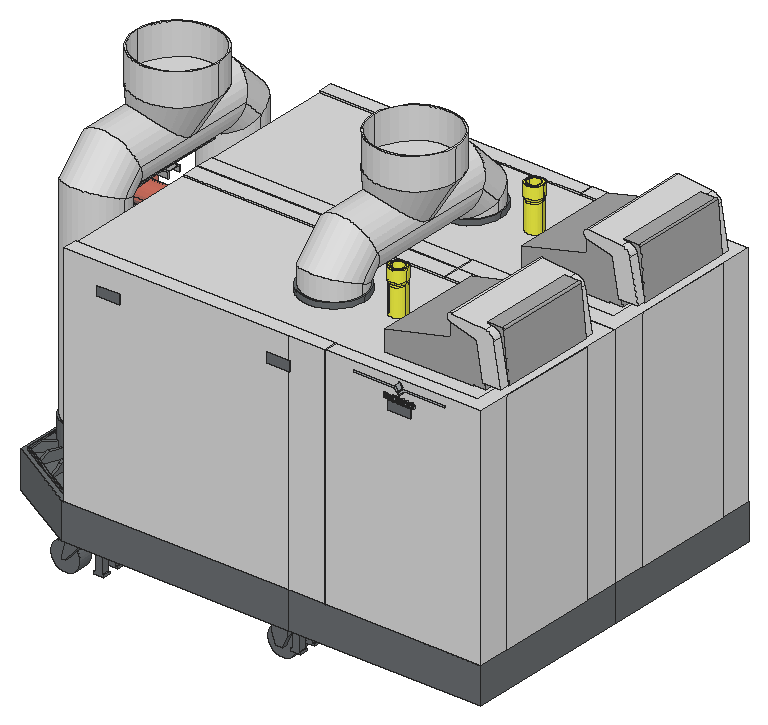
Revit family "HC_Boiler_Condensate Flow_MEPcontent_De Dietrich Thermique_C 640 8-10_FR-FR", category Mechanical Equipment, Revit 2018
Family settings
  Round Connector Dimension = Use Diameter
  Classification = None
  Part Type = Normal
  OmniClass Number = 23.75.10.11.14
  OmniClass Title = Hot Water Heat Generators
  Work Plane-Based = No
  Always vertical = Yes
  Cut with Voids When Loaded = No
  Shared = No
  Room Calculation Point = No
Parameters (values of type "1000")
  Yellow = Color RGB 255-255-000
  Wholesaler Art. No. = ""
  Wholesaler = ""
  White = Color RGB 219-219-219
  Watermarked By = "https://mep.trimble.com"
  Voltage = 230 V
  Use Nominal Diameter = yes
  URL = "https://mep.trimble.com"
  Supply Air Flow [instance] = 0.0 L/s
  Stabu Code = ""
  Show Service Space [instance] = no
  Safety Valve Diameter = if(Use Nominal Diameter, 65 mm, 76.1 mm)  # 65 mm
  Safety Valve Connection Size = 40 mm
  Revit Version = "2018"  # constant formula
  Red = Color RAL 2002
  Product Line = "De Dietrich Thermique"  # constant formula
  Power [instance] = 0 VA
  Pipe Type Category = "M561"  # constant formula
  Phase = 1
  Overall Width = 1442 mm
  Overall Length = 2172 mm
  Overall Height = 1726 mm
  Optional Connection [instance] = yes
  Model = "1000"
  Manufacturer URL = "http://pro.dedietrich-thermique.fr/fr/site_pro"
  Manufacturer Art. No. = "7752876"
  Manufacturer = "De Dietrich Thermique"  # constant formula
  MEPcontent Class = "BOILER_CONDENSATE_FLOW"  # constant formula
  Logo = Color RGB 165-173-178
  Light Gray = Color RGB 145-145-145
  Internal Art. No. = ""
  IFCExportType = "NOTDEFINED"  # constant formula
  IFCExportAs = "IfcBoiler"  # constant formula
  Hydronic Supply Flow 2 [instance] = Hydronic Return Flow 2  # 0.0 L/s
  Hydronic Supply Flow 1 [instance] = Hydronic Return Flow 1  # 0.0 L/s
  Hydronic Return Flow 4 [instance] = 0.0 L/s
  Hydronic Return Flow 3 [instance] = 0.0 L/s
  Hydronic Return Flow 2 [instance] = 0.0 L/s
  Hydronic Return Flow 1 [instance] = 0.0 L/s
  Grey = Color RAL 7016
  Glass = Color RGB 218-227-224
  Gas Flow 2 [instance] = 0.0 L/s
  Gas Flow 1 [instance] = 0.0 L/s
  GTIN = "8713809330279"
  GLN = "8713809000004"
  Function Code [instance] = ""
  Fuel Connection Size = if(Use Nominal Diameter, 50 mm, 60.3 mm)  # 50 mm
  Flue Gas Flow [instance] = 0.0 L/s
  Supply Air Connection = 350 mm
  Flue Connection Size = 350 mm
  Flow and Return Connection Size = if(Use Nominal Diameter, 80 mm, 88.9 mm)  # 80 mm
  Family Version = "12.18"  # constant formula
  ETIM Article Class = "EC010232"  # constant formula
  EMCS Version = "4.0"  # constant formula
  Drain Fixture Units [instance] = 0
  Drain Connection Size = 20 mm
  Description = "C 640 - 1000"
  Custom = no
  Copyright = "© Trimble Europe BV"  # constant formula
  Control Unit on Side [instance] = no
  Control Unit on Back [instance] = not(Control Unit on Side)  # yes
  Content Supplier URL = "www.MEPcontent.com"
  Connection Placement = 129 mm
  Condensate Drain Size = 32 mm
  CB-NL Class = ""
  Blue = Color RGB 075-186-252
  Base Family Version = "12.19"  # constant formula
  Article Type = "1000"
  Article Description = "C 640 - 1000"
  Air Inlet Connection Size = 250 mm
  Access Clearance Top = 450 mm
  Access Clearance Right = 0 mm
  Access Clearance Rear = 300 mm
  Access Clearance Left = 800 mm
  Access Clearance Front = 800 mm
  Access Clearance Bottom = 0 mm
Reference planes
  plane 1 "Center (Front/Back)": y = 0
  plane 2: z = 0
  plane 3 "Center (Left/Right)": x = 0
  plane 4: y = 721
  plane 5: y = -721
  plane 6: z = 1726
  plane 7: z = 155
  plane 8: z = 1287
  plane 9: x = -713.5
  plane 10: z = 1023
  plane 11: z = 686
  plane 12: z = 366
  plane 13: y = 607
  plane 14: x = 1086
  plane 15: x = -1086
  plane 16: x = -1053.5
  plane 17: y = -128.5
  plane 18: y = 129
  plane 19: x = -806
  plane 20: x = 217
Forms (mm)
  Extrusion 1, solid, material "Color RGB 219-219-219" <- "White", detail levels fine
    sketch origin (180.337, 725, 0) x (1, 0, 0) y (0, 1, 0)
      loop
        circle (-982.038, -725) r 180
      loop
        circle (-982.038, -725) r 175
    from 1588.36 to 1726
  Blend 2, solid, material "Color RGB 219-219-219" <- "White", detail levels fine
    base sketch origin (-132.663, 725, 0) x (1, 0, 0) y (0, 1, 0)
      loop
        circle (-669.038, -725) r 180
    top sketch origin (-132.663, 725, 0) x (1, 0, 0) y (0, 1, 0)
      loop
        circle (-729.038, -725) r 120
    from 1588.36 to 1394.527
  Extrusion 3, solid, material "Color RGB 219-219-219" <- "White", detail levels fine
    sketch origin (1204.469, 725, 35) x (1, 0, 0) y (0, 1, 0)
      loop
        circle (-982.038, -725) r 180
      loop
        circle (-982.038, -725) r 175
    from 1588.36 to 1724.96
  Blend 4, solid, material "Color RGB 219-219-219" <- "White", detail levels fine
    base sketch origin (891.469, 725, 35) x (1, 0, 0) y (0, 1, 0)
      loop
        circle (-669.038, -725) r 180
    top sketch origin (891.469, 725, 35) x (1, 0, 0) y (0, 1, 0)
      loop
        circle (-729.038, -725) r 120
    from 1588.36 to 1394.527
  Extrusion 5, solid, material "Color RGB 145-145-145" <- "Light Gray", detail levels fine
    sketch origin (2000, 0, 0) x (1, 0, 0) y (0, 1, 0)
      loop
        line (-3059, 22) -> (-3045, 22) -> (-3045, 25) -> (-3059, 25)
        arc (-3059, 25) -> (-3063.243, 23.243) -> (-3065, 19) r 6
        line (-3065, 19) -> (-3065, -19)
        arc (-3065, -19) -> (-3063.243, -23.243) -> (-3059, -25) r 6
        line (-3059, -25) -> (-3045, -25) -> (-3045, -22) -> (-3059, -22)
        arc (-3059, -22) -> (-3061.121, -21.121) -> (-3062, -19) r 3
        line (-3062, -19) -> (-3062, 19)
        arc (-3062, 19) -> (-3061.121, 21.121) -> (-3059, 22) r 3
    from 60.361 to 1248.888
  Extrusion 6, solid, material "Color RGB 145-145-145" <- "Light Gray", detail levels fine
    sketch origin (0, 0, -31.474) x (0, 1, 0) y (0, 0, 1)
      loop
        line (-31.5, 1253.361) -> (-28.5, 1253.361) -> (-28.5, 1277.361)
        arc (-28.5, 1277.361) -> (-27.621, 1279.483) -> (-25.5, 1280.361) r 3
        line (-25.5, 1280.361) -> (25.5, 1280.361)
        arc (25.5, 1280.361) -> (27.621, 1279.483) -> (28.5, 1277.361) r 3
        line (28.5, 1277.361) -> (28.5, 1253.361) -> (31.5, 1253.361) -> (31.5, 1277.361)
        arc (31.5, 1277.361) -> (29.743, 1281.604) -> (25.5, 1283.361) r 6
        line (25.5, 1283.361) -> (-25.5, 1283.361)
        arc (-25.5, 1283.361) -> (-29.743, 1281.604) -> (-31.5, 1277.361) r 6
        line (-31.5, 1277.361) -> (-31.5, 1253.361)
    from -1086 to -815
  Extrusion 7, solid, material "Color RGB 145-145-145" <- "Light Gray", detail levels fine
    sketch origin (2000, 0, -31.474) x (1, 0, 0) y (0, 0, 1)
      loop
        line (-2833.5, 1285.361) -> (-2875.5, 1285.361)
        arc (-2875.5, 1285.361) -> (-2876.914, 1285.947) -> (-2877.5, 1287.361) r 2
        line (-2877.5, 1287.361) -> (-2877.5, 1313.361) -> (-2879.5, 1313.361) -> (-2879.5, 1287.361)
        arc (-2879.5, 1287.361) -> (-2878.328, 1284.533) -> (-2875.5, 1283.361) r 4
        line (-2875.5, 1283.361) -> (-2833.5, 1283.361)
        arc (-2833.5, 1283.361) -> (-2830.672, 1284.533) -> (-2829.5, 1287.361) r 4
        line (-2829.5, 1287.361) -> (-2829.5, 1313.361) -> (-2831.5, 1313.361) -> (-2831.5, 1287.361)
        arc (-2831.5, 1287.361) -> (-2832.086, 1285.947) -> (-2833.5, 1285.361) r 2
    from -235 to 235
  Extrusion 8, solid, material "Color RGB 145-145-145" <- "Light Gray", detail levels fine
    sketch origin (0, 0, 0) x (0, 1, 0) y (0, 0, 1)
      loop
        line (-200, 974) -> (-210, 964) -> (-210, 914.361) -> (210, 914.361) -> (210, 964) -> (200, 974) -> (-200, 974)
      loop
        line (-145.456, 637.8) -> (-171.018, 663.361) -> (-200, 663.361) -> (-210, 653.361) -> (-210, 585.361) -> (210, 585.361) -> (210, 653.361) -> (200, 663.361) -> (171.561, 663.361) -> (146, 637.8) -> (111, 637.8) -> (85.439, 663.361) -> (-84.895, 663.361) -> (-110.456, 637.8) -> (-145.456, 637.8)
      loop
        line (-200, 317.047) -> (-210, 307.047) -> (-210, 257.361) -> (210, 257.361) -> (210, 307.047) -> (200, 317.047) -> (-200, 317.047)
    from -1068 to -1065
  Revolve 9, solid, material "Color RGB 145-145-145" <- "Light Gray", detail levels fine
    sketch origin (-1053.5, -1524, 63.361) x (0, 0, -1) y (0, -1, 0)
      loop
        line (60, -1539.419) -> (60, -1547.401)
        arc (60, -1547.401) -> (60.15, -1547.763) -> (60.512, -1547.913) r 0.512
        line (60.512, -1547.913) -> (62.836, -1547.913)
        arc (62.836, -1547.913) -> (63.208, -1547.759) -> (63.361, -1547.388) r 0.525
        line (63.361, -1547.388) -> (63.361, -1524) -> (0, -1524) -> (0, -1530.913) -> (3, -1530.913) -> (3, -1533.5) -> (13, -1533.5) -> (13, -1528.75) -> (30.355, -1528.75) -> (30.355, -1535.006) -> (40.355, -1535.006) -> (40.355, -1528.793) -> (44.403, -1528.793) -> (44.403, -1535.006) -> (54.403, -1535.006) -> (60, -1539.419)
      axis (0, -1524) -> (63.361, -1524)
    angle from 0 to 360
  Extrusion 10, solid, material "Color RGB 145-145-145" <- "Light Gray", detail levels fine
    sketch origin (2000, 0, 0) x (1, 0, 0) y (0, 1, 0)
      loop
        line (-3044, 19) -> (-3062, 19) -> (-3062, -19) -> (-3044, -19) -> (-3044, 19)
    from 60.361 to 63.361
  Extrusion 11, solid, material "Color RGB 145-145-145" <- "Light Gray", detail levels fine
    sketch origin (-3947.297, 0, -38.761) x (0, 1, 0) y (0.707107, 0, -0.707107)
      loop
        line (-28.5, 1253.361) -> (-25.5, 1253.361) -> (-25.5, 1277.361)
        arc (-25.5, 1277.361) -> (-24.621, 1279.483) -> (-22.5, 1280.361) r 3
        line (-22.5, 1280.361) -> (22.5, 1280.361)
        arc (22.5, 1280.361) -> (24.621, 1279.483) -> (25.5, 1277.361) r 3
        line (25.5, 1277.361) -> (25.5, 1253.361) -> (28.5, 1253.361) -> (28.5, 1277.361)
        arc (28.5, 1277.361) -> (26.743, 1281.604) -> (22.5, 1283.361) r 6
        line (22.5, 1283.361) -> (-22.5, 1283.361)
        arc (-22.5, 1283.361) -> (-26.743, 1281.604) -> (-28.5, 1277.361) r 6
        line (-28.5, 1277.361) -> (-28.5, 1253.361)
    from -3075 to -2815
  Extrusion 12, solid, detail levels coarse+medium
    sketch origin (2000, 0, 0) x (1, 0, 0) y (0, 1, 0)
      loop
        line (-3045, 25) -> (-3059, 25)
        arc (-3059, 25) -> (-3063.243, 23.243) -> (-3065, 19) r 6
        line (-3065, 19) -> (-3065, -19)
        arc (-3065, -19) -> (-3063.243, -23.243) -> (-3059, -25) r 6
        line (-3059, -25) -> (-3045, -25) -> (-3045, 25)
    from 60.361 to 1248.888
  Extrusion 13, solid, detail levels coarse+medium
    sketch origin (0, 0, -31.474) x (0, 1, 0) y (0, 0, 1)
      loop
        line (-31.5, 1253.361) -> (31.5, 1253.361) -> (31.5, 1277.361)
        arc (31.5, 1277.361) -> (29.743, 1281.604) -> (25.5, 1283.361) r 6
        line (25.5, 1283.361) -> (-25.5, 1283.361)
        arc (-25.5, 1283.361) -> (-29.743, 1281.604) -> (-31.5, 1277.361) r 6
        line (-31.5, 1277.361) -> (-31.5, 1253.361)
    from -1086 to -815
  Extrusion 14, solid, detail levels coarse+medium
    sketch origin (2000, 0, -31.474) x (1, 0, 0) y (0, 0, 1)
      loop
        line (-2829.5, 1313.361) -> (-2879.5, 1313.361) -> (-2879.5, 1287.361)
        arc (-2879.5, 1287.361) -> (-2878.328, 1284.533) -> (-2875.5, 1283.361) r 4
        line (-2875.5, 1283.361) -> (-2833.5, 1283.361)
        arc (-2833.5, 1283.361) -> (-2830.672, 1284.533) -> (-2829.5, 1287.361) r 4
        line (-2829.5, 1287.361) -> (-2829.5, 1313.361)
    from -235 to 235
  Extrusion 15, solid, detail levels coarse+medium
    sketch origin (0, 0, 0.01) x (0, 1, 0) y (0, 0, 1)
      loop
        line (-200, 974) -> (-210, 964) -> (-210, 914.361) -> (210, 914.361) -> (210, 964) -> (200, 974) -> (-200, 974)
      loop
        line (-144.538, 637.8) -> (-170.1, 663.361) -> (-200, 663.361) -> (-210, 653.361) -> (-210, 585.361) -> (210, 585.361) -> (210, 653.361) -> (200, 663.361) -> (171.561, 663.361) -> (146, 637.8) -> (111, 637.8) -> (85.439, 663.361) -> (-83.977, 663.361) -> (-109.538, 637.8) -> (-144.538, 637.8)
      loop
        line (-200, 317.047) -> (-210, 307.047) -> (-210, 257.361) -> (210, 257.361) -> (210, 307.047) -> (200, 317.047) -> (-200, 317.047)
    from -1068 to -1065
  Revolve 16, solid, detail levels coarse+medium
    sketch origin (-1053.5, -1524, 63.361) x (0, 0, -1) y (0, -1, 0)
      loop
        line (60, -1539.419) -> (60, -1547.401)
        arc (60, -1547.401) -> (60.15, -1547.763) -> (60.512, -1547.913) r 0.512
        line (60.512, -1547.913) -> (62.836, -1547.913)
        arc (62.836, -1547.913) -> (63.208, -1547.759) -> (63.361, -1547.388) r 0.525
        line (63.361, -1547.388) -> (63.361, -1524) -> (0, -1524) -> (0, -1530.913) -> (3, -1530.913) -> (3, -1533.5) -> (13, -1533.5) -> (13, -1528.75) -> (30.355, -1528.75) -> (30.355, -1535.006) -> (40.355, -1535.006) -> (40.355, -1528.793) -> (44.403, -1528.793) -> (44.403, -1535.006) -> (54.403, -1535.006) -> (60, -1539.419)
      axis (0, -1524) -> (63.361, -1524)
    angle from 0 to 360
  Extrusion 17, solid, detail levels coarse+medium
    sketch origin (2000, 0, 0) x (1, 0, 0) y (0, 1, 0)
      loop
        line (-3044, 19) -> (-3062, 19) -> (-3062, -19) -> (-3044, -19) -> (-3044, 19)
    from 60.361 to 63.361
  Extrusion 18, solid, detail levels coarse+medium
    sketch origin (-3947.297, 0, -38.761) x (0, 1, 0) y (0.707107, 0, -0.707107)
      loop
        line (-28.5, 1253.361) -> (28.5, 1253.361) -> (28.5, 1277.361)
        arc (28.5, 1277.361) -> (26.743, 1281.604) -> (22.5, 1283.361) r 6
        line (22.5, 1283.361) -> (-22.5, 1283.361)
        arc (-22.5, 1283.361) -> (-26.743, 1281.604) -> (-28.5, 1277.361) r 6
        line (-28.5, 1277.361) -> (-28.5, 1253.361)
    from -3075 to -2832.636
  Blend 19, solid, detail levels coarse+medium
    base sketch origin (-132.663, 725, 0) x (1, 0, 0) y (0, 1, 0)
      loop
        circle (-669.038, -725) r 180
    top sketch origin (-132.663, 725, 0) x (1, 0, 0) y (0, 1, 0)
      loop
        circle (-728.553, -725) r 120
    from 1588.36 to 1394.527
  Extrusion 20, solid, detail levels coarse+medium
    sketch origin (-132.663, 725, 0) x (1, 0, 0) y (0, 1, 0)
      loop
        circle (-669.038, -725) r 180
      loop
        circle (-669.038, -725) r 175
    from 1588.36 to 1726
  Blend 21, solid, detail levels coarse+medium
    base sketch origin (891.469, 725, 35) x (1, 0, 0) y (0, 1, 0)
      loop
        circle (-669.038, -725) r 180
    top sketch origin (891.469, 725, 35) x (1, 0, 0) y (0, 1, 0)
      loop
        circle (-728.553, -725) r 120
    from 1588.36 to 1394.527
  Extrusion 22, solid, detail levels coarse+medium
    sketch origin (891.469, 725, 35) x (1, 0, 0) y (0, 1, 0)
      loop
        circle (-669.038, -725) r 180
      loop
        circle (-669.038, -725) r 175
    from 1588.36 to 1724.96
  Sweep 23, solid, detail levels coarse+medium
    path origin (-871.9, 224.356, 1200) x (0, -1, 0) y (0, 0, 1)
      loop
        line (-138.144, -787.177) -> (-138.144, 120.36) -> (-58.144, 200.36) -> (506.856, 200.36) -> (586.856, 120.36) -> (586.856, -787.177)
    profile origin (-871.9, 362.5, 866.592) x (0, 1, 0) y (-1, 0, 0)
      loop
        circle (5, -13.885) r 125
  Sweep 24, solid, material "Color RGB 219-219-219" <- "White", detail levels fine
    path origin (-871.9, 224.356, 1200) x (0, -1, 0) y (0, 0, 1)
      loop
        line (-138.144, -787.177) -> (-138.144, 120.36) -> (-58.144, 200.36) -> (506.856, 200.36) -> (586.856, 120.36) -> (586.856, -787.177)
    profile origin (-871.9, 362.5, 866.592) x (0, 1, 0) y (-1, 0, 0)
      loop
        circle (5, -13.885) r 125
  Sweep 25, solid, detail levels coarse+medium
    path origin (152.615, 224.356, 1200) x (0, -1, 0) y (0, 0, 1)
      loop
        line (-138.144, 87) -> (-138.144, 149.527) -> (-58.144, 229.527) -> (506.856, 229.527) -> (586.856, 149.527) -> (586.856, 87)
    profile origin (152.615, 362.5, 1318.264) x (0, 1, 0) y (-1, 0, 0)
      loop
        circle (5, -13.885) r 125
  Sweep 26, solid, material "Color RGB 219-219-219" <- "White", detail levels fine
    path origin (152.615, 224.356, 1200) x (0, -1, 0) y (0, 0, 1)
      loop
        line (-138.144, 87) -> (-138.144, 149.527) -> (-58.144, 229.527) -> (506.856, 229.527) -> (586.856, 149.527) -> (586.856, 87)
    profile origin (152.615, 362.5, 1318.264) x (0, 1, 0) y (-1, 0, 0)
      loop
        circle (5, -13.885) r 125
  Extrusion 27, solid, not visible
    sketch origin (-1086, 1912.105, 1200) x (0, 1, 0) y (0, 0, -1)
      loop
        circle (-2040.605, 177) r 5
      loop
        circle (-2040.605, 514) r 5
      loop
        circle (-2040.605, 834) r 5
      loop
        circle (-1783.105, 177) r 5
      loop
        circle (-1783.105, 514) r 5
      loop
        circle (-1783.105, 834) r 5
    from 0.3 to 0
Dimensions and locks
  equal spacing: plane 5, plane 1 "Center (Front/Back)", plane 4
  locked: plane 7 to plane 2 at 155
  plane 6 to plane 8 = 439 mm
  locked: plane 8 to plane 7 at 1132
  locked: plane 4 to plane 13 at 114
  equal spacing: plane 15, plane 3 "Center (Left/Right)", plane 14
  plane 14 to plane 9 = 1799.5 mm
  "Overall Length": plane 15 to plane 14
  plane 4 to plane 5 = 1442 mm
  Extrusion 20 to level = 1726 mm
  Extrusion 22 to level = 1759.96 mm
  nested 3 to level = 1477 mm
  "Connection Placement": plane 18 to plane 1 "Center (Front/Back)"
  plane 12 to level = 366 mm
  plane 11 to plane 12 = 320 mm
  plane 10 to plane 11 = 337 mm
  plane 19 to plane 14 = 1892 mm
  plane 20 to plane 14 = 869 mm
  plane 17 to plane 5 = 592.5 mm
  plane 1 "Center (Front/Back)" to plane 17 = 128.5 mm
  radius of Extrusion 1 sketch curve = 175 mm
  radius of Extrusion 1 sketch curve = 180 mm  (x2)
  radius of Blend 2 sketch curve = 120 mm
  radius of Blend 2 sketch curve = 180 mm
  radius of Extrusion 3 sketch curve = 175 mm
  radius of Extrusion 3 sketch curve = 180 mm  (x2)
  radius of Blend 4 sketch curve = 120 mm
  radius of Blend 4 sketch curve = 180 mm
  radius of Blend 19 sketch curve = 120 mm
  radius of Blend 19 sketch curve = 180 mm
  radius of Extrusion 20 sketch curve = 180 mm
  radius of Blend 21 sketch curve = 120 mm
  radius of Blend 21 sketch curve = 180 mm
  radius of Extrusion 22 sketch curve = 180 mm
  diameter of Sweep 24 sketch curve = 250 mm
  diameter of Sweep 26 sketch curve = 250 mm
  aligned and locked: level to plane 2
  aligned and locked: nested 2 to plane 14
  aligned and locked: plane 1 "Center (Front/Back)" to Revolve 9 sketch curve
  aligned and locked: Blend 19 sketch curve to Extrusion 20
  aligned and locked: Blend 21 sketch curve to Extrusion 22
  aligned and locked: Sweep 23 sketch curve to Sweep 24  (x2)
  aligned and locked: Sweep 25 sketch curve to Sweep 26  (x2)
Automatic sketch dimensions
  Extrusion 1 sketch curve to Extrusion 1 sketch curve = 0 mm  (x2)
  plane 1 "Center (Front/Back)" to Extrusion 1 sketch curve = 0 mm
  Extrusion 1 sketch curve to plane 9 = 88.201 mm
  plane 1 "Center (Front/Back)" to Blend 2 sketch curve = 0 mm  (x2)
  Blend 2 sketch curve to plane 9 = 88.201 mm
  Blend 2 sketch curve to plane 9 = 148.201 mm
  Extrusion 3 sketch curve to Extrusion 3 sketch curve = 0 mm  (x2)
  plane 1 "Center (Front/Back)" to Extrusion 3 sketch curve = 0 mm
  plane 3 "Center (Left/Right)" to Extrusion 3 sketch curve = 222.431 mm
  plane 1 "Center (Front/Back)" to Blend 4 sketch curve = 0 mm  (x2)
  plane 3 "Center (Left/Right)" to Blend 4 sketch curve = 222.431 mm
  plane 3 "Center (Left/Right)" to Blend 4 sketch curve = 162.431 mm
  Extrusion 5 sketch curve to Extrusion 5 sketch curve = 0 mm  (x4)
  plane 16 to Extrusion 5 sketch curve = 11.5 mm
  Extrusion 5 sketch curve to Extrusion 5 sketch curve = 3 mm  (x3)
  Extrusion 5 sketch curve to plane 16 = 8.5 mm  (x2)
  plane 1 "Center (Front/Back)" to Extrusion 5 sketch curve = 25 mm
  Extrusion 5 sketch curve to plane 1 "Center (Front/Back)" = 19 mm
  Extrusion 6 sketch curve to Extrusion 6 sketch curve = 0 mm  (x5)
  plane 1 "Center (Front/Back)" to Extrusion 6 sketch curve = 31.5 mm
  Extrusion 6 sketch curve to Extrusion 6 sketch curve = 3 mm  (x3)
  Extrusion 6 sketch curve to plane 1 "Center (Front/Back)" = 25.5 mm
  Extrusion 6 sketch curve to plane 8 = 65.112 mm
  Extrusion 6 sketch curve to Extrusion 6 sketch curve = 24 mm
  Extrusion 7 sketch curve to Extrusion 7 sketch curve = 0 mm  (x4)
  Extrusion 7 sketch curve to plane 8 = 31.112 mm
  Extrusion 7 sketch curve to plane 9 = 166 mm
  Extrusion 7 sketch curve to Extrusion 7 sketch curve = 2 mm  (x3)
  Extrusion 7 sketch curve to Extrusion 7 sketch curve = 42 mm
  Extrusion 7 sketch curve to plane 8 = 5.112 mm  (x2)
  Extrusion 8 sketch curve to Extrusion 8 sketch curve = 10 mm  (x10)
  Extrusion 8 sketch curve to Extrusion 8 sketch curve = 28.982 mm
  Extrusion 8 sketch curve to Extrusion 8 sketch curve = 25.561 mm  (x5)
  Extrusion 8 sketch curve to plane 11 = 22.638 mm  (x2)
  Extrusion 8 sketch curve to Extrusion 8 sketch curve = 28.439 mm
  Extrusion 8 sketch curve to plane 11 = 32.638 mm  (x2)
  Extrusion 8 sketch curve to plane 11 = 48.2 mm
  Extrusion 8 sketch curve to Extrusion 8 sketch curve = 68 mm
  Extrusion 8 sketch curve to plane 12 = 48.953 mm
  Extrusion 8 sketch curve to Extrusion 8 sketch curve = 49.686 mm
  Extrusion 8 sketch curve to plane 10 = 108.638 mm
  Extrusion 8 sketch curve to Extrusion 8 sketch curve = 49.639 mm  (x2)
  Revolve 9 sketch curve to plane 1 "Center (Front/Back)" = 0 mm
  Revolve 9 sketch curve to level = 0 mm
  Revolve 9 sketch curve to Revolve 9 sketch curve = 0.525 mm
  Revolve 9 sketch curve to Revolve 9 sketch curve = 2.324 mm
  level to Revolve 9 sketch curve = 3.361 mm
  Revolve 9 sketch curve to Revolve 9 sketch curve = 5.597 mm
  Revolve 9 sketch curve to plane 1 "Center (Front/Back)" = 4.793 mm
  Revolve 9 sketch curve to Revolve 9 sketch curve = 10 mm  (x3)
  Revolve 9 sketch curve to Revolve 9 sketch curve = 4.048 mm
  Revolve 9 sketch curve to plane 1 "Center (Front/Back)" = 4.75 mm
  Revolve 9 sketch curve to Revolve 9 sketch curve = 17.355 mm
  Revolve 9 sketch curve to Revolve 9 sketch curve = 3 mm
  Revolve 9 sketch curve to Revolve 9 sketch curve = 6.913 mm
  Revolve 9 sketch curve to Revolve 9 sketch curve = 2.587 mm
  Revolve 9 sketch curve to plane 1 "Center (Front/Back)" = 11.006 mm
  Revolve 9 sketch curve to Revolve 9 sketch curve = 6.256 mm
  Revolve 9 sketch curve to Revolve 9 sketch curve = 4.413 mm
  Revolve 9 sketch curve to Revolve 9 sketch curve = 7.969 mm
  plane 6 to Revolve 9 sketch curve = 1015.474 mm
  Revolve 9 sketch curve to level = 520.992 mm
  plane 16 to Extrusion 10 sketch curve = 8.5 mm
  Extrusion 10 sketch curve to plane 16 = 9.5 mm
  plane 1 "Center (Front/Back)" to Extrusion 10 sketch curve = 19 mm
  Extrusion 10 sketch curve to plane 1 "Center (Front/Back)" = 19 mm
  Extrusion 11 sketch curve to Extrusion 11 sketch curve = 0 mm  (x5)
  plane 1 "Center (Front/Back)" to Extrusion 11 sketch curve = 28.5 mm
  Extrusion 11 sketch curve to Extrusion 11 sketch curve = 3 mm  (x3)
  Extrusion 11 sketch curve to plane 1 "Center (Front/Back)" = 22.5 mm
  Extrusion 11 sketch curve to Extrusion 11 sketch curve = 24 mm
  plane 16 to Extrusion 12 sketch curve = 11.5 mm
  plane 16 to Extrusion 12 sketch curve = 5.5 mm  (x2)
  Extrusion 12 sketch curve to plane 16 = 8.5 mm
  plane 1 "Center (Front/Back)" to Extrusion 12 sketch curve = 25 mm
  Extrusion 12 sketch curve to plane 1 "Center (Front/Back)" = 19 mm
  plane 1 "Center (Front/Back)" to Extrusion 13 sketch curve = 31.5 mm
  Extrusion 13 sketch curve to Extrusion 13 sketch curve = 6 mm  (x2)
  Extrusion 13 sketch curve to plane 1 "Center (Front/Back)" = 25.5 mm
  Extrusion 13 sketch curve to plane 8 = 65.112 mm
  Extrusion 13 sketch curve to Extrusion 13 sketch curve = 24 mm
  Extrusion 14 sketch curve to plane 8 = 5.112 mm
  Extrusion 14 sketch curve to plane 9 = 166 mm
  Extrusion 14 sketch curve to Extrusion 14 sketch curve = 4 mm  (x2)
  Extrusion 14 sketch curve to Extrusion 14 sketch curve = 42 mm
  Extrusion 14 sketch curve to Extrusion 14 sketch curve = 26 mm
  Extrusion 15 sketch curve to Extrusion 15 sketch curve = 10 mm  (x10)
  Extrusion 15 sketch curve to Extrusion 15 sketch curve = 29.9 mm
  Extrusion 15 sketch curve to Extrusion 15 sketch curve = 25.561 mm  (x5)
  Extrusion 15 sketch curve to plane 11 = 22.628 mm  (x2)
  Extrusion 15 sketch curve to Extrusion 15 sketch curve = 28.439 mm
  Extrusion 15 sketch curve to plane 11 = 32.628 mm  (x2)
  Extrusion 15 sketch curve to plane 11 = 48.19 mm
  Extrusion 15 sketch curve to Extrusion 15 sketch curve = 68 mm
  Extrusion 15 sketch curve to plane 12 = 48.942 mm
  Extrusion 15 sketch curve to Extrusion 15 sketch curve = 49.686 mm
  Extrusion 15 sketch curve to plane 10 = 108.628 mm
  Extrusion 15 sketch curve to Extrusion 15 sketch curve = 49.639 mm  (x2)
  Revolve 16 sketch curve to plane 1 "Center (Front/Back)" = 0 mm  (x2)
  Revolve 16 sketch curve to level = 0 mm
  Revolve 16 sketch curve to Revolve 16 sketch curve = 0.525 mm
  Revolve 16 sketch curve to Revolve 16 sketch curve = 2.324 mm
  level to Revolve 16 sketch curve = 3.361 mm
  Revolve 16 sketch curve to Revolve 16 sketch curve = 5.597 mm
  Revolve 16 sketch curve to plane 1 "Center (Front/Back)" = 4.793 mm
  Revolve 16 sketch curve to Revolve 16 sketch curve = 10 mm  (x3)
  Revolve 16 sketch curve to Revolve 16 sketch curve = 4.048 mm
  Revolve 16 sketch curve to plane 1 "Center (Front/Back)" = 4.75 mm
  Revolve 16 sketch curve to Revolve 16 sketch curve = 17.355 mm
  Revolve 16 sketch curve to Revolve 16 sketch curve = 3 mm
  Revolve 16 sketch curve to Revolve 16 sketch curve = 6.913 mm
  Revolve 16 sketch curve to Revolve 16 sketch curve = 2.587 mm
  Revolve 16 sketch curve to plane 1 "Center (Front/Back)" = 11.006 mm
  Revolve 16 sketch curve to Revolve 16 sketch curve = 6.256 mm
  Revolve 16 sketch curve to Revolve 16 sketch curve = 4.413 mm
  Revolve 16 sketch curve to Revolve 16 sketch curve = 7.969 mm
  plane 6 to Revolve 16 sketch curve = 1015.474 mm
  Revolve 16 sketch curve to level = 520.992 mm
  plane 16 to Extrusion 17 sketch curve = 8.5 mm
  Extrusion 17 sketch curve to plane 16 = 9.5 mm
  plane 1 "Center (Front/Back)" to Extrusion 17 sketch curve = 19 mm
  Extrusion 17 sketch curve to plane 1 "Center (Front/Back)" = 19 mm
  plane 1 "Center (Front/Back)" to Extrusion 18 sketch curve = 28.5 mm
  Extrusion 18 sketch curve to Extrusion 18 sketch curve = 6 mm  (x2)
  Extrusion 18 sketch curve to plane 1 "Center (Front/Back)" = 22.5 mm
  Extrusion 18 sketch curve to Extrusion 18 sketch curve = 24 mm
  plane 1 "Center (Front/Back)" to Blend 19 sketch curve = 0 mm
  Blend 19 sketch curve to plane 9 = 147.716 mm
  Extrusion 20 sketch curve to Extrusion 20 sketch curve = 0 mm  (x12)
  plane 1 "Center (Front/Back)" to Extrusion 20 sketch curve = 0 mm
  Extrusion 20 sketch curve to plane 9 = 88.201 mm
  Extrusion 20 sketch curve to Extrusion 20 sketch curve = 5 mm
  plane 1 "Center (Front/Back)" to Blend 21 sketch curve = 0 mm
  plane 3 "Center (Left/Right)" to Blend 21 sketch curve = 162.916 mm
  Extrusion 22 sketch curve to Extrusion 22 sketch curve = 0 mm  (x12)
  plane 1 "Center (Front/Back)" to Extrusion 22 sketch curve = 0 mm
  plane 3 "Center (Left/Right)" to Extrusion 22 sketch curve = 222.431 mm
  Extrusion 22 sketch curve to Extrusion 22 sketch curve = 5 mm
  plane 8 to Sweep 23 sketch curve = 33.36 mm  (x2)
  Sweep 23 sketch curve to Sweep 23 sketch curve = 80 mm  (x3)
  plane 12 to Sweep 23 sketch curve = 46.823 mm  (x2)
  plane 8 to Sweep 24 sketch curve = 33.36 mm  (x2)
  Sweep 24 sketch curve to Sweep 24 sketch curve = 80 mm  (x3)
  plane 12 to Sweep 24 sketch curve = 46.823 mm  (x2)
  Sweep 24 sketch curve to Sweep 24 sketch curve = 0 mm  (x2)
  Sweep 24 sketch curve to profile plane = 5 mm
  Sweep 24 sketch curve to profile plane = 13.885 mm
  Sweep 24 sketch curve to Sweep 24 sketch curve = 125 mm
  Sweep 25 sketch curve to plane 8 = 0 mm  (x2)
  plane 8 to Sweep 25 sketch curve = 62.527 mm
  Sweep 25 sketch curve to Sweep 25 sketch curve = 80 mm  (x3)
  Sweep 25 sketch curve to Sweep 25 sketch curve = 62.527 mm
  Sweep 26 sketch curve to plane 8 = 0 mm  (x2)
  plane 8 to Sweep 26 sketch curve = 62.527 mm  (x2)
  Sweep 26 sketch curve to Sweep 26 sketch curve = 80 mm  (x3)
  Sweep 26 sketch curve to Sweep 26 sketch curve = 0 mm  (x2)
  Sweep 26 sketch curve to profile plane = 5 mm
  Sweep 26 sketch curve to profile plane = 13.885 mm
  Sweep 26 sketch curve to Sweep 26 sketch curve = 125 mm
  Extrusion 8 sketch curve to plane 1 "Center (Front/Back)" = 85.439 mm
  Extrusion 8 sketch curve to Extrusion 8 sketch curve = 35 mm  (x2)
  Extrusion 8 sketch curve to plane 1 "Center (Front/Back)" = 200 mm  (x2)
  Extrusion 15 sketch curve to plane 1 "Center (Front/Back)" = 85.439 mm
  Extrusion 15 sketch curve to Extrusion 15 sketch curve = 35 mm  (x2)
  Extrusion 15 sketch curve to plane 1 "Center (Front/Back)" = 200 mm  (x2)
  Sweep 23 sketch curve to plane 1 "Center (Front/Back)" = 282.5 mm
  Sweep 24 sketch curve to plane 1 "Center (Front/Back)" = 282.5 mm
  Sweep 25 sketch curve to plane 1 "Center (Front/Back)" = 282.5 mm
  Sweep 26 sketch curve to plane 1 "Center (Front/Back)" = 282.5 mm
  plane 1 "Center (Front/Back)" to Extrusion 8 sketch curve = 84.895 mm
  plane 1 "Center (Front/Back)" to Extrusion 8 sketch curve = 200 mm  (x2)
  plane 1 "Center (Front/Back)" to Extrusion 15 sketch curve = 83.977 mm
  plane 1 "Center (Front/Back)" to Extrusion 15 sketch curve = 200 mm  (x2)
  plane 1 "Center (Front/Back)" to Sweep 23 sketch curve = 282.5 mm
  plane 1 "Center (Front/Back)" to Sweep 24 sketch curve = 282.5 mm
  plane 1 "Center (Front/Back)" to Sweep 25 sketch curve = 282.5 mm
  plane 1 "Center (Front/Back)" to Sweep 26 sketch curve = 282.5 mm
  Extrusion 27 sketch curve to plane 11 = 0 mm  (x2)
  Extrusion 27 sketch curve to plane 17 = 0 mm  (x3)
  Extrusion 27 sketch curve to plane 12 = 0 mm  (x2)
  Extrusion 27 sketch curve to plane 10 = 0 mm  (x2)
  Extrusion 27 sketch curve to plane 18 = 0 mm  (x3)
  radius of Extrusion 1 sketch curve = 180 mm
  radius of Extrusion 1 sketch curve = 175 mm
  radius of Blend 2 sketch curve = 180 mm
  radius of Extrusion 3 sketch curve = 180 mm
  radius of Extrusion 3 sketch curve = 175 mm
  radius of Blend 4 sketch curve = 180 mm
  radius of Extrusion 27 sketch curve = 5 mm  (x6)
Nested families
  nested 1: "Service Space" at (0, 0, 0), visible <- "Show Service Space", Show Service Area <- "Show Service Space", type "Service Space"
    with Show Service Area no, Depth 1442 mm, Top Clearance 450 mm, Right Clearance 0 mm, Front Clearance 800 mm, Width 2172 mm, Height 1726 mm, Back Clearance 300 mm
  nested 2: "HC_Boiler_Remeha_320 Ace 8-10_Geometry_Left" at (0, 367.5, 0), Control Unit on Back <- "Control Unit on Back", Control Unit on Side <- "Control Unit on Side", Optional Connection <- "Optional Connection", type "650"
    with Optional Connection yes, Function Code "", Control Unit on Side no, Control Unit on Back yes
  nested 3: "HC_Boiler_Remeha_320 Ace 8-10_Geometry_Right" at (0, -367, 0), Control Unit on Back <- "Control Unit on Back", Control Unit on Side <- "Control Unit on Side", Optional Connection <- "Optional Connection", type "650"
    with Optional Connection yes, Function Code "", Control Unit on Side no, Control Unit on Back yes
Connectors
  piping at (445, -367, 1477), diameter 50, driven by "Gas Flow 2", driven by "Fuel Connection Size"
    settings: on nested 3, index 7, connector inside diameter 609.6 mm, connector length 0 mm, flow factor 0, pipe flow 0.0 L/s, pressure drop 0.0 Pa, fitting loss kfactor 0, connector angle 0.00°, fixture units 0, engagement length 0 mm, angle of deflection 0.00°, flow configuration 1, flow direction 1, fitting loss method 0, system type 22, joint type 0, gender type 0, connector reference index -1, connector utility 0, adjustable connector no, is connector primary yes, connector description "Gas2"
  piping at (445, 368, 1477), diameter 50, driven by "Gas Flow 1", driven by "Fuel Connection Size"
    settings: on nested 2, index 8, connector inside diameter 609.6 mm, connector length 0 mm, flow factor 0, pipe flow 0.0 L/s, pressure drop 0.0 Pa, fitting loss kfactor 0, connector angle 0.00°, fixture units 0, engagement length 0 mm, angle of deflection 0.00°, flow configuration 1, flow direction 1, fitting loss method 0, system type 22, joint type 0, gender type 0, connector reference index -1, connector utility 0, adjustable connector no, is connector primary no, connector description "Gas1"
  piping at (496.822, -366.687, 130), diameter 32, driven by "Drain Fixture Units", driven by "Condensate Drain Size"
    settings: on nested 3, index 9, connector inside diameter 609.6 mm, connector length 0 mm, flow factor 0, pipe flow 0.0 L/s, pressure drop 0.0 Pa, fitting loss kfactor 0, connector angle 0.00°, fixture units 0, engagement length 0 mm, angle of deflection 0.00°, flow configuration 3, flow direction 2, fitting loss method 0, system type 16, joint type 0, gender type 0, connector reference index -1, connector utility 0, adjustable connector no, is connector primary no, connector description "Drain1"
  piping at (496.822, 368.125, 130), diameter 32, driven by "Drain Fixture Units", driven by "Condensate Drain Size"
    settings: on nested 2, index 10, connector inside diameter 609.6 mm, connector length 0 mm, flow factor 0, pipe flow 0.0 L/s, pressure drop 0.0 Pa, fitting loss kfactor 0, connector angle 0.00°, fixture units 0, engagement length 0 mm, angle of deflection 0.00°, flow configuration 3, flow direction 2, fitting loss method 0, system type 16, joint type 0, gender type 0, connector reference index -1, connector utility 0, adjustable connector no, is connector primary no, connector description "Drain2"
  electrical at (1087.347, -367, 800.5), driven by "Phase", driven by "Voltage", driven by "Power"
    settings: on nested 3, index 11, voltage 230 V, apparent load 0 VA, apparent load phase1 0 VA, apparent load phase2 0 VA, apparent load phase3 0 VA, power factor 1, load classification "Other", number of poles 1, system type 30, power factor state 1, is connector primary yes, connector utility no, sub classification motor no, connector description "Voltage2"
  electrical at (1087.347, 367.5, 800.5), driven by "Phase", driven by "Voltage"
    settings: on nested 2, index 12, voltage 230 V, apparent load 1086 VA, apparent load phase1 0 VA, apparent load phase2 0 VA, apparent load phase3 0 VA, power factor 1, load classification "Other", number of poles 1, system type 30, power factor state 1, is connector primary no, connector utility no, sub classification motor no, connector description "Voltage1"
  piping at (-801.701, 0, 1726), diameter 350, driven by "Flue Gas Flow", driven by "Flue Connection Size"
    settings: on Extrusion 1, index 13, connector inside diameter 609.6 mm, connector length 0 mm, flow factor 0, pipe flow 0.0 L/s, pressure drop 0.0 Pa, fitting loss kfactor 0, connector angle 0.00°, fixture units 0, engagement length 0 mm, angle of deflection 0.00°, flow configuration 1, flow direction 2, fitting loss method 0, system type 22, joint type 0, gender type 0, connector reference index -1, connector utility 0, adjustable connector no, is connector primary no, connector description "Flue Gas"
  hvac at (222.431, 0, 1759.96), driven by "Supply Air Flow", driven by "Supply Air Connection"
    settings: on Extrusion 3, index 14, duct flow 0.0 L/s, flow factor 0, pres drop 0.0 bar, loss coef 0, conn angle 0.00°, conn width 304.8 mm, conn height 304.8 mm, conn diameter 350 mm, duct sys type 1, conn prof type 0, flow config 1, flow direction 1, loss method 0, conn ref index -1, conn util no, is conn primary yes, conn desc "Supply Air"
  piping at (-1086.3, -128.5, 1023), diameter 80, driven by "Flow and Return Connection Size", driven by "Hydronic Supply Flow 2"
    settings: on Extrusion 27, index 15, connector inside diameter 609.6 mm, connector length 0 mm, flow factor 0, pipe flow 0.0 L/s, pressure drop 0.0 Pa, fitting loss kfactor 0, connector angle 0.00°, fixture units 0, engagement length 0 mm, angle of deflection 0.00°, flow configuration 0, flow direction 2, fitting loss method 0, system type 7, joint type 0, gender type 0, connector reference index -1, connector utility 0, adjustable connector no, is connector primary no, connector description "Hydronic Supply2[0]"
  piping at (-1086.3, 129, 1023), diameter 80, driven by "Flow and Return Connection Size", driven by "Hydronic Supply Flow 1"
    settings: on Extrusion 27, index 16, connector inside diameter 609.6 mm, connector length 0 mm, flow factor 0, pipe flow 0.0 L/s, pressure drop 0.0 Pa, fitting loss kfactor 0, connector angle 0.00°, fixture units 0, engagement length 0 mm, angle of deflection 0.00°, flow configuration 0, flow direction 2, fitting loss method 0, system type 7, joint type 0, gender type 0, connector reference index -1, connector utility 0, adjustable connector no, is connector primary no, connector description "Hydronic Supply1[0]"
  piping at (-1086.3, -128.5, 686), diameter 65, driven by "Safety Valve Diameter", driven by "Hydronic Return Flow 4"
    settings: on Extrusion 27, index 17, connector inside diameter 609.6 mm, connector length 0 mm, flow factor 0, pipe flow 0.0 L/s, pressure drop 0.0 Pa, fitting loss kfactor 0, connector angle 0.00°, fixture units 0, engagement length 0 mm, angle of deflection 0.00°, flow configuration 0, flow direction 1, fitting loss method 0, system type 8, joint type 0, gender type 0, connector reference index -1, connector utility 0, adjustable connector no, is connector primary no, connector description "Hydronic Return4[0]"
  piping at (-1086.3, 129, 686), diameter 65, driven by "Safety Valve Diameter", driven by "Hydronic Return Flow 3"
    settings: on Extrusion 27, index 18, connector inside diameter 609.6 mm, connector length 0 mm, flow factor 0, pipe flow 0.0 L/s, pressure drop 0.0 Pa, fitting loss kfactor 0, connector angle 0.00°, fixture units 0, engagement length 0 mm, angle of deflection 0.00°, flow configuration 0, flow direction 1, fitting loss method 0, system type 8, joint type 0, gender type 0, connector reference index -1, connector utility 0, adjustable connector no, is connector primary no, connector description "Hydronic Return3[0]"
  piping at (-1086.3, -128.5, 366), diameter 80, driven by "Hydronic Return Flow 2", driven by "Flow and Return Connection Size"
    settings: on Extrusion 27, index 19, connector inside diameter 609.6 mm, connector length 0 mm, flow factor 0, pipe flow 0.0 L/s, pressure drop 0.0 Pa, fitting loss kfactor 0, connector angle 0.00°, fixture units 0, engagement length 0 mm, angle of deflection 0.00°, flow configuration 1, flow direction 1, fitting loss method 0, system type 8, joint type 0, gender type 0, connector reference index -1, connector utility 0, adjustable connector no, is connector primary no, connector description "Hydronic Return2[0]"
  piping at (-1086.3, 129, 366), diameter 80, driven by "Flow and Return Connection Size", driven by "Hydronic Return Flow 1"
    settings: on Extrusion 27, index 20, connector inside diameter 609.6 mm, connector length 0 mm, flow factor 0, pipe flow 0.0 L/s, pressure drop 0.0 Pa, fitting loss kfactor 0, connector angle 0.00°, fixture units 0, engagement length 0 mm, angle of deflection 0.00°, flow configuration 1, flow direction 1, fitting loss method 0, system type 8, joint type 0, gender type 0, connector reference index -1, connector utility 0, adjustable connector no, is connector primary no, connector description "Hydronic Return1[0]"
Definition of nested family "HC_Boiler_Remeha_320 Ace 8-10_Geometry_Left"
  Parameters (values of type "650")
    Yellow = none
    Wholesaler Art. No. = ""
    Wholesaler = ""
    White = none
    Watermarked By = "www.stabiplan.com"
    Water Content = 104.0 L
    Use Nominal Diameter = yes
    URL = "www.stabiplan.com"
    Stabu Code = ""
    Shipping Weight = 0.00 kg
    Safety Valve Connection Size = if(Use Nominal Diameter, 40 mm, 76.1 mm)  # 40 mm
    Revit Version = "2018"  # constant formula
    Red = none
    Product Line = "Gas 320 Ace"  # constant formula
    Overall Width = 707 mm
    Overall Length = 2172 mm
    Overall Height = 1550 mm
    Optional Connection [instance] = yes
    Model = "650"
    Manufacturer URL = "https://www.remeha.co.uk/"
    Manufacturer Art. No. = ""
    Manufacturer = "Remeha"  # constant formula
    MEPcontent Class = "BOILER_CONDENSATE_FLOW"  # constant formula
    Logo = none
    Light Gray = none
    Internal Art. No. = ""
    Gross Weight = 568.00 kg
    Grey = none
    Glass = none
    GTIN = ""
    GLN = "8713809000004"
    Function Code [instance] = ""
    Fuel Connection Size = if(Use Nominal Diameter, 50 mm, 50.8 mm)  # 50 mm
    Flue Connection Size = 250 mm
    Flow and Return Connection Size = if(Use Nominal Diameter, 80 mm, 88.9 mm)  # 80 mm
    Family Version = "12.17"  # constant formula
    ETIM Article Class = "EC010232"  # constant formula
    EMCS Version = "4.0"  # constant formula
    Drain Connection Size = 20 mm
    Description = "Gas condensing boilers"
    Custom = no
    Copyright = "© Stabiplan International BV"  # constant formula
    Control Unit on Side [instance] = yes
    Control Unit on Back [instance] = no
    Content Supplier URL = "www.MEPcontent.com"
    Condensate Drain Size = 32 mm
    CB-NL Class = ""
    Blue = none
    Base Family Version = "12.17"  # constant formula
    Article Type = "650"
    Article Description = "Gas condensing boilers"
    Air Inlet Connection Size = 250 mm
  Reference planes
    plane 1 "Center (Front/Back)": y = 0
    plane 2: z = 0
    plane 3 "Center (Left/Right)": x = 0
    plane 4: y = 353.5
    plane 5: y = -353.5
    plane 6: z = 1550
    plane 7: z = 155
    plane 8: z = 0
    plane 9: z = 1293
    plane 10: x = -714
    plane 11: z = 1023
    plane 12: z = 686
    plane 13: z = 366
    plane 14: y = 239.5
    plane 15: x = 1086
    plane 16: x = -1086
    plane 17: z = 1477
    plane 18: x = -1086
    plane 19: y = 0.5
    plane 20: y = -238.5
  Forms (mm)
    Extrusion 1, solid, material <- "Grey", detail levels fine
      sketch origin (14.5, 351, 0) x (-1, 0, 0) y (0, -1, 0)
        loop
          line (-243, -2.5) -> (738.5, -2.5) -> (1070.488, 188.645) -> (1070.488, 508.068) -> (705.55, 718.5) -> (-243, 718.5) -> (-1071.5, 718.5) -> (-1071.5, -2.5) -> (-243, -2.5)
      from 155 to 310
    Extrusion 2, solid, material <- "Grey", detail levels fine
      sketch origin (-139.5, 247.05, 366) x (0, 0, -1) y (-1, 0, 0)
        loop
          circle (303.778, 614.979) r 62.485
      from -11.05 to 48.95
    Extrusion 3, solid, material <- "Grey", detail levels fine
      sketch origin (-139.5, 247.05, 366) x (0, 0, -1) y (-1, 0, 0)
        loop
          line (211, 595) -> (211, 520) -> (308.122, 601.495) -> (308.122, 615)
          arc (308.122, 615) -> (306.314, 618.667) -> (302.304, 619.465) r 4.622
          line (302.304, 619.465) -> (211, 595)
      from 0 to 63.95
    Extrusion 4, solid, material <- "Grey", detail levels fine
      sketch origin (14.5, 247.05, 366) x (0, 0, -1) y (-1, 0, 0)
        loop
          line (296, 585) -> (296, 578.787) -> (306, 578.787) -> (306, 621.213) -> (296, 621.213) -> (296, 615) -> (211, 615) -> (211, 585) -> (296, 585)
      from -24.05 to 5.95
    Extrusion 5, solid, material <- "Grey", detail levels fine
      sketch origin (14.5, 302.436, 366) x (0, 0, -1) y (1, 0, 0)
        loop
          line (296, -585) -> (211, -585) -> (211, -615) -> (296, -615) -> (296, -621.213) -> (306, -621.213) -> (306, -578.787) -> (296, -578.787) -> (296, -585)
      from -24.05 to 5.95
    Extrusion 6, solid, material <- "Grey", detail levels fine
      sketch origin (-139.5, -247.05, 366) x (0, 0, -1) y (1, 0, 0)
        loop
          circle (303.778, -614.979) r 62.485
      from -11.05 to 48.95
    Extrusion 7, solid, material <- "Grey", detail levels fine
      sketch origin (-139.5, -247.05, 366) x (0, 0, -1) y (1, 0, 0)
        loop
          line (211, -595) -> (302.304, -619.465)
          arc (302.304, -619.465) -> (306.314, -618.667) -> (308.122, -615) r 4.622
          line (308.122, -615) -> (308.122, -601.495) -> (211, -520) -> (211, -595)
      from 0 to 63.95
    Extrusion 8, solid, material <- "Grey", detail levels fine
      sketch origin (14.5, -247.05, 366) x (0, 0, -1) y (1, 0, 0)
        loop
          line (296, -585) -> (211, -585) -> (211, -615) -> (296, -615) -> (296, -621.213) -> (306, -621.213) -> (306, -578.787) -> (296, -578.787) -> (296, -585)
      from -24.05 to 5.95
    Extrusion 9, solid, material <- "Grey", detail levels fine
      sketch origin (14.5, -302.436, 366) x (0, 0, -1) y (-1, 0, 0)
        loop
          line (296, 585) -> (296, 578.787) -> (306, 578.787) -> (306, 621.213) -> (296, 621.213) -> (296, 615) -> (211, 615) -> (211, 585) -> (296, 585)
      from -24.05 to 5.95
    Extrusion 10, solid, material <- "Grey", detail levels fine
      sketch origin (1019.5, 247.05, 366) x (0, 0, -1) y (-1, 0, 0)
        loop
          circle (303.778, 837.172) r 62.485
      from -11.05 to 48.95
    Extrusion 11, solid, material <- "Grey", detail levels fine
      sketch origin (1019.5, 247.05, 366) x (0, 0, -1) y (-1, 0, 0)
        loop
          line (268.896, 872.18) -> (211, 872.18) -> (211, 802.164) -> (268.896, 802.164) -> (316.024, 822.169) -> (316.024, 852.176) -> (268.896, 872.18)
      from 0 to 63.95
    Extrusion 12, solid, material <- "Grey", detail levels fine
      sketch origin (1019.5, 247.05, 366) x (0, 0, -1) y (-1, 0, 0)
        loop
          line (296, 739.5) -> (296, 733.287) -> (306, 733.287) -> (306, 775.713) -> (296, 775.713) -> (296, 769.5) -> (211, 769.5) -> (211, 739.5) -> (296, 739.5)
      from -24.05 to 5.95
    Extrusion 13, solid, material <- "Grey", detail levels fine
      sketch origin (1019.5, 302.436, 366) x (0, 0, -1) y (1, 0, 0)
        loop
          line (296, -739.5) -> (211, -739.5) -> (211, -769.5) -> (296, -769.5) -> (296, -775.713) -> (306, -775.713) -> (306, -733.287) -> (296, -733.287) -> (296, -739.5)
      from -24.05 to 5.95
    Extrusion 14, solid, material <- "Grey", detail levels fine
      sketch origin (1019.5, -247.05, 366) x (0, 0, -1) y (1, 0, 0)
        loop
          circle (303.778, -837.172) r 62.485
      from -11.05 to 48.95
    Extrusion 15, solid, material <- "Grey", detail levels fine
      sketch origin (1019.5, -247.05, 366) x (0, 0, -1) y (1, 0, 0)
        loop
          line (211, -802.164) -> (211, -872.18) -> (268.896, -872.18) -> (316.024, -852.176) -> (316.024, -822.169) -> (268.896, -802.164) -> (211, -802.164)
      from 0 to 63.95
    Extrusion 16, solid, material <- "Grey", detail levels fine
      sketch origin (1019.5, -247.05, 366) x (0, 0, -1) y (1, 0, 0)
        loop
          line (296, -739.5) -> (211, -739.5) -> (211, -769.5) -> (296, -769.5) -> (296, -775.713) -> (306, -775.713) -> (306, -733.287) -> (296, -733.287) -> (296, -739.5)
      from -24.05 to 5.95
    Extrusion 17, solid, material <- "Grey", detail levels fine
      sketch origin (1019.5, -302.436, 366) x (0, 0, -1) y (-1, 0, 0)
        loop
          line (296, 739.5) -> (296, 733.287) -> (306, 733.287) -> (306, 775.713) -> (296, 775.713) -> (296, 769.5) -> (211, 769.5) -> (211, 739.5) -> (296, 739.5)
      from -24.05 to 5.95
    Extrusion 18, solid, material <- "White", detail levels fine
      sketch origin (14.5, 351, 0) x (-1, 0, 0) y (0, -1, 0)
        loop
          line (728.5, -2.5) -> (728.5, 58.5) -> (-243, 58.5) -> (-1010, 58.5) -> (-1010, 643.5) -> (728.5, 643.5) -> (728.5, 718.5) -> (-243, 718.5) -> (-1071.5, 718.5) -> (-1071.5, -2.5) -> (-243, -2.5) -> (728.5, -2.5)
      from 310 to 1293
    Extrusion 19, solid, material <- "White", detail levels fine
      sketch origin (14.5, 351, 0) x (-1, 0, 0) y (0, -1, 0)
        loop
          line (-243, 58.5) -> (728.5, 58.5) -> (728.5, 643.5) -> (-1010, 643.5) -> (-1010, 58.5) -> (-243, 58.5)
      from 310 to 1287
    Extrusion 20, solid, material <- "Grey", detail levels fine
      sketch origin (14.5, 247.05, 366) x (0, 0, -1) y (-1, 0, 0)
        loop
          line (248.233, -439.5) -> (248.233, -429.5) -> (361, -429.5) -> (361, -389.5) -> (331, -389.5) -> (331, -312.5) -> (211, -312.5) -> (211, -439.5) -> (248.233, -439.5)
      from -312.05 to -182.05
    Extrusion 21, solid, material <- "Grey", detail levels fine
      sketch origin (156.992, -244.39, 366) x (0, 0, -1) y (1, 0, 0)
        loop
          line (-832.014, 102.008) -> (-832.014, 5.004) -> (-791.002, 5.004) -> (-791.002, 102.008) -> (-832.014, 102.008)
        loop
          line (-832.014, -631.988) -> (-832.014, -728.992) -> (-791.002, -728.992) -> (-791.002, -631.988) -> (-832.014, -631.988)
        loop
          line (-832.014, 625.006) -> (-832.014, 528.002) -> (-791.002, 528.002) -> (-791.002, 625.006) -> (-832.014, 625.006)
      from -598.09 to -594.706
    Extrusion 22, solid, material <- "White", detail levels fine
      sketch origin (169.5, 351, 0) x (0, 1, 0) y (0, 0, -1)
        loop
          line (-136, -310) -> (-566, -310) -> (-566, -1291) -> (-136, -1291) -> (-136, -310)
      from -917.847 to -916.5
    Extrusion 23, solid, material <- "Grey", detail levels fine
      sketch origin (-139.5, 351, 0) x (0, 1, 0) y (0, 0, -1)
        loop
          line (-595.437, -310) -> (-595.437, -317.5) -> (-528.796, -349.5) -> (-479.796, -349.5) -> (-479.796, -310) -> (-595.437, -310)
      from 710.659 to 722.721
    Extrusion 24, solid, material <- "Grey", detail levels fine
      sketch origin (-139.5, -351, 0) x (0, -1, 0) y (0, 0, 1)
        loop
          line (-482.432, 349.5) -> (-531.453, 349.5) -> (-597.711, 320) -> (-597.711, 310) -> (-482.432, 310) -> (-482.432, 349.5)
      from 710.659 to 722.721
    Extrusion 25, solid, material <- "Grey", detail levels fine
      sketch origin (87.682, -23.833, 0) x (0.374607, -0.927184, 0) y (0, 0, 1)
        loop
          line (-505.854, 349.5) -> (-556.289, 349.5) -> (-595.437, 317.5) -> (-595.437, 310) -> (-505.854, 310) -> (-505.854, 349.5)
      from 865.159 to 877.221
    Extrusion 26, solid, material <- "Grey", detail levels fine
      sketch origin (13.727, 367.176, 0) x (0.71934, -0.694658, 0) y (0, 0, 1)
        loop
          line (-501.507, 349.5) -> (-556.289, 349.5) -> (-597.292, 316.102) -> (-597.292, 310) -> (-501.507, 310) -> (-501.507, 349.5)
      from 865.159 to 877.221
    Extrusion 27, solid, material <- "Grey", detail levels fine
      sketch origin (-183.587, 691.406, 0) x (0.945519, -0.325568, 0) y (0, 0, 1)
        loop
          line (-541.08, 349.5) -> (-556.289, 349.5) -> (-594.41, 318.274) -> (-594.41, 310) -> (-541.08, 310) -> (-541.08, 349.5)
      from 865.159 to 877.221
    Extrusion 28, solid, material <- "Grey", detail levels fine
      sketch origin (-592.442, 872.84, 0) x (1, 0, 0) y (0, 0, 1)
        loop
          line (-394.689, 349.5) -> (-401.789, 349.5) -> (-438.646, 321.726) -> (-438.646, 310) -> (-394.689, 310) -> (-394.689, 349.5)
      from 865.159 to 877.221
    Extrusion 29, solid, material <- "Grey", detail levels fine
      sketch origin (-183.587, -691.406, 0) x (0.945519, 0.325568, 0) y (0, 0, -1)
        loop
          line (-542.69, -349.5) -> (-542.69, -310) -> (-593.583, -310) -> (-593.583, -318.897) -> (-556.289, -349.5) -> (-542.69, -349.5)
      from 865.159 to 877.221
    Extrusion 30, solid, material <- "Grey", detail levels fine
      sketch origin (87.682, 23.833, 0) x (0.374607, 0.927184, 0) y (0, 0, -1)
        loop
          line (-503.593, -349.5) -> (-503.593, -312.5) -> (-591.94, -312.5) -> (-591.94, -320.842) -> (-553.909, -349.5) -> (-503.593, -349.5)
      from 865.159 to 877.221
    Extrusion 31, solid, material <- "Grey", detail levels fine
      sketch origin (-139.5, 351, 0) x (-1, 0, 0) y (0, -1, 0)
        loop
          line (583.5, 680.368) -> (583.5, 21.632) -> (892.5, 199.829) -> (892.5, 502.171) -> (583.5, 680.368)
        loop
          line (586.5, 675.179) -> (586.5, 26.821) -> (889.5, 201.563) -> (889.5, 500.437) -> (586.5, 675.179)
      from 310 to 324.816
    Extrusion 32, solid, material <- "Grey", detail levels fine
      sketch origin (-139.5, 351, 0) x (-1, 0, 0) y (0, -1, 0)
        loop
          circle (719.015, 351) r 125
        loop
          circle (719.015, 351) r 132
      from 310 to 445
    Extrusion 33, solid, material <- "Yellow", detail levels fine
      sketch origin (169.5, 351.5, 0) x (-1, 0, 0) y (0, -1, 0)
        loop
          circle (-275.5, 351) r 30.15
        loop
          circle (-275.316, 351) r 35
      from 1293 to 1477
    Extrusion 34, solid, material <- "Grey", detail levels fine
      sketch origin (14.5, 351.625, 0) x (-1, 0, 0) y (0, -1, 0)
        loop
          circle (-482.322, 351) r 21.2
      from 130 to 155
    Extrusion 35, void
      sketch origin (324, 988.676, 5) x (0, 1, 0) y (0, 0, 1)
        loop
          line (-1356.176, 1288) -> (-1356.176, 1280.903) -> (-642.676, 1280.903) -> (-642.676, 150) -> (-635.176, 150) -> (-635.176, 1288) -> (-1356.176, 1288)
      from 87 to 90.5
    Revolve 36, solid, material <- "Yellow", detail levels fine
      sketch origin (169.5, 0.5, 364) x (0, 0, -1) y (-1, 0, 0)
        loop
          line (-1113, -314.329) -> (-1064.5, -314.329) -> (-1055.271, -311.229) -> (-1047.5, -311.229) -> (-1047.5, -296.329) -> (-1113, -296.329) -> (-1113, -314.329)
        axis (-1113, -275.5) -> (-1047.5, -275.5)
      angle from 0 to 360
    Extrusion 37, void
      sketch origin (169.5, 343.176, 0) x (1, 0, 0) y (0, 1, 0)
        loop
          circle (275.5, -342.7) r 25.4
      from 1289 to 1477
    Extrusion 38, solid, detail levels coarse+medium
      sketch origin (14.5, 351, 0) x (-1, 0, 0) y (0, -1, 0)
        loop
          line (-238.5, -2.5) -> (738.5, -2.5) -> (1070.488, 188.932) -> (1070.488, 508.068) -> (738.5, 718.5) -> (-238.5, 718.5) -> (-1067, 718.5) -> (-1067, -2.5) -> (-238.5, -2.5)
      from 155 to 310
    Extrusion 39, solid, detail levels coarse+medium
      sketch origin (-139.5, 247.05, 366) x (0, 0, -1) y (-1, 0, 0)
        loop
          circle (303.778, 614.979) r 62.485
      from -11.05 to 48.95
    Extrusion 40, solid, detail levels coarse+medium
      sketch origin (-139.5, 247.05, 366) x (0, 0, -1) y (-1, 0, 0)
        loop
          line (211, 595) -> (211, 520) -> (308.122, 601.495) -> (308.122, 615)
          arc (308.122, 615) -> (306.314, 618.667) -> (302.304, 619.465) r 4.622
          line (302.304, 619.465) -> (211, 595)
      from 0 to 63.95
    Extrusion 41, solid, detail levels coarse+medium
      sketch origin (-139.5, -247.05, 366) x (0, 0, -1) y (1, 0, 0)
        loop
          circle (303.778, -614.979) r 62.485
      from -11.05 to 48.95
    Extrusion 42, solid, detail levels coarse+medium
      sketch origin (-139.5, -247.05, 366) x (0, 0, -1) y (1, 0, 0)
        loop
          line (211, -595) -> (302.304, -619.465)
          arc (302.304, -619.465) -> (306.314, -618.667) -> (308.122, -615) r 4.622
          line (308.122, -615) -> (308.122, -601.495) -> (211, -520) -> (211, -595)
      from 0 to 63.95
    Extrusion 43, solid, detail levels coarse+medium
      sketch origin (1019.5, 247.05, 366) x (0, 0, -1) y (-1, 0, 0)
        loop
          circle (303.778, 837.172) r 62.485
      from -11.05 to 48.95
    Extrusion 44, solid, detail levels coarse+medium
      sketch origin (1019.5, 247.05, 366) x (0, 0, -1) y (-1, 0, 0)
        loop
          line (268.896, 872.18) -> (211, 872.18) -> (211, 802.164) -> (268.896, 802.164) -> (316.024, 822.169) -> (316.024, 852.176) -> (268.896, 872.18)
      from 0 to 63.95
    Extrusion 45, solid, detail levels coarse+medium
      sketch origin (1019.5, -247.05, 366) x (0, 0, -1) y (1, 0, 0)
        loop
          circle (303.778, -837.172) r 62.485
      from -11.05 to 48.95
    Extrusion 46, solid, detail levels coarse+medium
      sketch origin (1019.5, -247.05, 366) x (0, 0, -1) y (1, 0, 0)
        loop
          line (211, -802.164) -> (211, -872.18) -> (268.896, -872.18) -> (316.024, -852.176) -> (316.024, -822.169) -> (268.896, -802.164) -> (211, -802.164)
      from 0 to 63.95
    Extrusion 47, solid, detail levels coarse+medium
      sketch origin (-139.5, 351, 0) x (-1, 0, 0) y (0, -1, 0)
        loop
          circle (719.015, 351) r 125
        loop
          circle (719.015, 351) r 132
      from 310 to 445
    Extrusion 48, solid, detail levels coarse+medium
      sketch origin (14.5, 342.676, 0) x (1, 0, 0) y (0, 1, 0)
        loop
          line (-728.5, 10.824) -> (-728.5, -710.176) -> (1071.5, -710.176) -> (1071.5, 10.824) -> (-728.5, 10.824)
      from 310 to 1293
    Extrusion 49, solid, detail levels coarse+medium
      sketch origin (20.531, 351.5, 0) x (-1, 0, 0) y (0, -1, 0)
        loop
          circle (-145.969, 351) r 125
        loop
          circle (-145.969, 351) r 135
      from 1293 to 1310
    Extrusion 50, solid, detail levels coarse+medium
      sketch origin (169.5, 353.5, 0) x (-1, 0, 0) y (0, -1, 0)
        loop
          circle (-275.5, 353) r 30.15
        loop
          circle (-275.316, 353) r 35
      from 1293 to 1477
    Extrusion 51, solid, material <- "Grey", detail levels fine
      sketch origin (13.727, -367.176, 0) x (0.71934, 0.694658, 0) y (0, 0, -1)
        loop
          line (-501.507, -349.5) -> (-501.507, -312.5) -> (-597.292, -312.5) -> (-597.292, -318.602) -> (-556.289, -349.5) -> (-501.507, -349.5)
      from 865.159 to 877.221
    Extrusion 52, solid, material <- "Grey", detail levels fine
      sketch origin (2695.209, -69.773, 3.437) x (-1, 0, 0) y (0, -1, 0)
        loop
          line (1754.194, -294.921) -> (1754.194, -425.773) -> (2169.194, -425.773) -> (2169.194, -294.921) -> (1754.194, -294.921)
      from 1287 to 1292
    Extrusion 53, solid, material <- "White", visible <- "Control Unit on Back", detail levels fine
      sketch origin (-1128.353, 410, 5) x (-1, 0, 0) y (0, 0, -1)
        loop
          arc (-2003.01, -1545) -> (-1983.982, -1530.4) -> (-1996.869, -1510.172) r 17.75
          line (-1996.869, -1510.172) -> (-2100.387, -1482.435)
          arc (-2100.387, -1482.435) -> (-2105.421, -1480.35) -> (-2107.505, -1475.317) r 7.118
          line (-2107.505, -1475.317) -> (-2135.102, -1324.809) -> (-2214.226, -1324.809) -> (-2182.356, -1499.549)
          arc (-2182.356, -1499.549) -> (-2169.988, -1522.094) -> (-2146.45, -1532.451) r 40
          line (-2146.45, -1532.451) -> (-2003.01, -1545)
      from 165 to 655
    Extrusion 54, solid, material <- "Light Gray", visible <- "Control Unit on Back", detail levels fine
      sketch origin (-1128.353, 410, 5) x (-1, 0, 0) y (0, 0, -1)
        loop
          line (-2189.446, -1537.5) -> (-2126, -1537.5) -> (-2126, -1534.24) -> (-2146.45, -1532.451)
          arc (-2146.45, -1532.451) -> (-2169.988, -1522.094) -> (-2182.356, -1499.549) r 40
